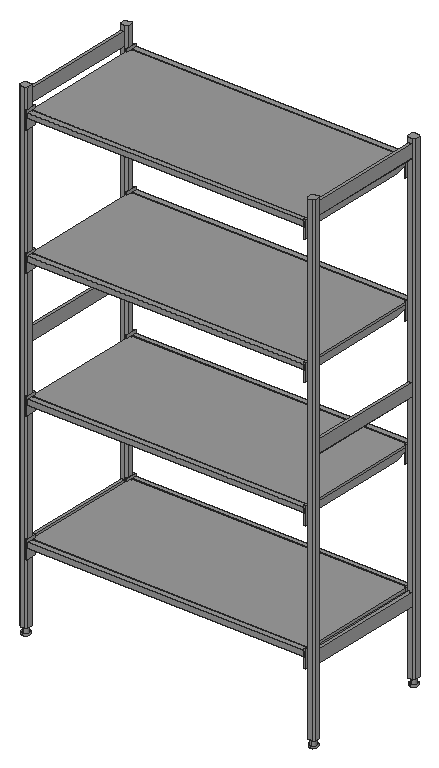
Revit family "QF_ZANUSSI_137033_BLS1038", category Attrezzature speciali, Revit 2020
Family settings
  Quota connettore circolare = Usa diametro
  Tipo di parte = Normale
  Basato su piano di lavoro = No
  Sempre verticale = Sì
  Taglio con vuoti quando caricato = No
  Condiviso = No
  Punto di calcolo locali = No
Parameters (values of type "Standard")
  Weight = 21.00 kg
  Watts = 0 W
  Volts = 0 V
  URL Manufacturer = "http://www.zanussiprofessional.com"
  URL = "http://www.zanussiprofessional.com"
  Steam Supply Size = 0 mm
  Steam Supply Minimum Pressure = 0.0 Pa
  Steam Supply Maximum Pressure = 0.0 Pa
  Steam Consumption per Hour = 0
  Refrigeration Suction Line Size = 0.0 mm
  Refrigeration Liquid Line Size = 0.0 mm
  Refrigerant Compressor Remote = yes
  Prospetto di default = 0.0 mm
  Phase = 0
  Modello = "BLS1038"
  Produttore = "Zanussi"
  Length Actual = 1037.0 mm  # constant formula
  Item Number = "137033"
  Hot Water Size = 0 mm
  Height Actual = 1700.0 mm  # constant formula
  HP = "0 HP"
  Gas Size = 0 mm
  Gas KW = 0
  Gas Input Pressure = 0 W
  Direct Waste Size = 0 mm
  Descrizione = "ALUM.LINEAR SHELV.-POLY.TIERS-475X1037MM"
  Depth Actual = 475.0 mm  # constant formula
  Cycle = 0 Hz
  Condensate Return Size = 0 mm
  Compressed Air Volume = 0.0 L/s
  Compressed Air Size = 0 mm
  Compressed Air Pressure = 0.0 Pa
  Cold Water Size = 0 mm
  Accessory = yes
Reference planes
  plane 1: z = 0
  plane 2 "Center (Left/Right)": x = -31
  plane 3 "LEFT": x = -549.5
  plane 4 "RIGHT": x = 487.5
  plane 5 "BACK": y = 23
  plane 6 "FRONT": y = -452
  plane 7 "TOP": z = 1700
  plane 8: x = 482.5
  plane 9: x = -518
  plane 10: x = 456
  plane 11 "Center (Front/Back)": y = -214.5
  plane 12: x = 451
  plane 13: y = -8.5
  plane 14: y = -420.5
  plane 15 "FEET": z = 25
  plane 16: z = 275
  plane 17: z = 725
  plane 18: z = 1175
  plane 19: z = 1625
  plane 20 "CXLeft": x = -535.5
  plane 21 "CXRight": x = 473.5
  plane 22: y = 5.5
  plane 23 "CYBack": y = 5.5
  plane 24 "CYFront": y = -434.5
Forms (mm)
  Extrusion 1, solid, material "QF_Aluminum"
    sketch origin (-549.5, 0, 0) x (0, 1, 0) y (0, 0, 1)
      loop
        line (4, 1650.994) -> (4, 1632.998) -> (23, 1632.998) -> (23, 1650.994) -> (4, 1650.994)
      loop
        line (-433, 1650.994) -> (-452, 1650.994) -> (-452, 1632.998) -> (-433, 1632.998) -> (-433, 1650.994)
      loop
        line (4, 1200.994) -> (4, 1182.998) -> (23, 1182.998) -> (23, 1200.994) -> (4, 1200.994)
      loop
        line (-433, 1200.994) -> (-452, 1200.994) -> (-452, 1182.998) -> (-433, 1182.998) -> (-433, 1200.994)
      loop
        line (4, 750.994) -> (4, 732.998) -> (23, 732.998) -> (23, 750.994) -> (4, 750.994)
      loop
        line (-433, 750.994) -> (-452, 750.994) -> (-452, 732.998) -> (-433, 732.998) -> (-433, 750.994)
      loop
        line (4, 300.994) -> (4, 282.998) -> (23, 282.998) -> (23, 300.994) -> (4, 300.994)
      loop
        line (-433, 300.994) -> (-452, 300.994) -> (-452, 282.998) -> (-433, 282.998) -> (-433, 300.994)
    from 31.5 to 1005.5
  Extrusion 2, solid, material "QF_Polyethylene"
    sketch origin (-549.5, 0, 0) x (0, 1, 0) y (0, 0, 1)
      loop
        line (2.007, 1650.994) -> (-431, 1650.994) -> (-431, 1644.496) -> (2.007, 1644.496) -> (2.007, 1650.994)
      loop
        line (2.007, 1200.994) -> (-431, 1200.994) -> (-431, 1194.496) -> (2.007, 1194.496) -> (2.007, 1200.994)
      loop
        line (2.007, 750.994) -> (-431, 750.994) -> (-431, 744.496) -> (2.007, 744.496) -> (2.007, 750.994)
      loop
        line (2.007, 300.994) -> (-431, 300.994) -> (-431, 294.496) -> (2.007, 294.496) -> (2.007, 300.994)
    from 31.5 to 1005.5
  Extrusion 3, solid, material "QF_Aluminum"
    sketch origin (487.5, 0, 0) x (0, 1, 0) y (0, 0, 1)
      loop
        line (-12, 1632.998) -> (4, 1632.998) -> (4, 1650.994) -> (2.007, 1650.994) -> (2.007, 1644.496) -> (-431, 1644.496) -> (-431, 1650.994) -> (-433, 1650.994) -> (-433, 1632.998) -> (-417, 1632.998) -> (-383, 1620.994) -> (-46, 1620.994) -> (-12, 1632.998)
      loop
        line (-12, 1182.998) -> (4, 1182.998) -> (4, 1200.994) -> (2.007, 1200.994) -> (2.007, 1194.496) -> (-431, 1194.496) -> (-431, 1200.994) -> (-433, 1200.994) -> (-433, 1182.998) -> (-417, 1182.998) -> (-383, 1170.994) -> (-46, 1170.994) -> (-12, 1182.998)
      loop
        line (-12, 732.998) -> (4, 732.998) -> (4, 750.994) -> (2.007, 750.994) -> (2.007, 744.496) -> (-431, 744.496) -> (-431, 750.994) -> (-433, 750.994) -> (-433, 732.998) -> (-417, 732.998) -> (-383, 720.994) -> (-46, 720.994) -> (-12, 732.998)
      loop
        line (-12, 282.998) -> (4, 282.998) -> (4, 300.994) -> (2.007, 300.994) -> (2.007, 294.496) -> (-431, 294.496) -> (-431, 300.994) -> (-433, 300.994) -> (-433, 282.998) -> (-417, 282.998) -> (-383, 270.994) -> (-46, 270.994) -> (-12, 282.998)
    from -31.5 to -36.5
Lines and regions (mm)
  symbolic lines
    curve 1: line (456, 4, 1700) -> (-518, 4, 1700)
    curve 2: line (-522, 23, 1700) -> (460, 23, 1700)
    curve 3: line (460, 13.246, 1700) -> (466.254, 19.5, 1700)
    curve 4: line (466.254, -8.5, 1700) -> (460, -2.246, 1700)
    curve 5: line (466.254, -420.5, 1700) -> (460, -426.754, 1700)
    curve 6: line (-522, -452, 1700) -> (460, -452, 1700)
    curve 7: line (460, 23, 1700) -> (460, -12.993, 1700)
    curve 8: line (460, -12.993, 1700) -> (456, -12.993, 1700)
    curve 9: line (460, -452, 1700) -> (460, -416.007, 1700)
    curve 10: line (460, -416.007, 1700) -> (456, -416.007, 1700)
    curve 11: line (-518, -12.993, 1700) -> (-518, -416.007, 1700)
    curve 12: line (-518, -433, 1700) -> (456, -433, 1700)
    curve 13: line (456, -12.993, 1700) -> (456, -416.007, 1700)
Dimensions and locks
  locked: plane 3 "LEFT" to plane 4 "RIGHT" at 1037
  equal spacing: plane 3 "LEFT", plane 2 "Center (Left/Right)", plane 4 "RIGHT"
  locked: plane 7 "TOP" to level at 1700
  locked: plane 5 "BACK" to plane 6 "FRONT" at 475
  locked: plane 4 "RIGHT" to plane 8 at 5
  locked: plane 9 to plane 10 at 974
  locked: plane 3 "LEFT" to plane 9 at 31.5
  plane 12 to plane 10 = 5.0 mm
  locked: plane 13 to plane 14 at 412
  equal spacing: plane 13, plane 11 "Center (Front/Back)", plane 14
  equal spacing: plane 5 "BACK", plane 11 "Center (Front/Back)", plane 6 "FRONT"
  plane 15 "FEET" to level = 25.0 mm
  plane 7 "TOP" to plane 15 "FEET" = 1675.0 mm
  plane 16 to plane 15 "FEET" = 250.0 mm
  plane 17 to plane 16 = 450.0 mm
  plane 18 to plane 17 = 450.0 mm
  plane 19 to plane 18 = 450.0 mm
  locked: plane 3 "LEFT" to plane 20 "CXLeft" at 14
  locked: plane 21 "CXRight" to plane 4 "RIGHT" at 14
  locked: plane 5 "BACK" to plane 23 "CYBack" at 17.5
  locked: plane 24 "CYFront" to plane 6 "FRONT" at 17.5
  aligned and locked: level to plane 1
  aligned and locked: plane 9 to Extrusion 2
  aligned and locked: Extrusion 2 to plane 10
  aligned and locked: plane 9 to Extrusion 1
  aligned and locked: Extrusion 1 to plane 10
  aligned and locked: Extrusion 1 sketch curve to Extrusion 1 sketch curve  (x2)
  aligned and locked: Extrusion 3 sketch curve to Extrusion 3 sketch curve  (x3)
  aligned and locked: Extrusion 3 to plane 12
  aligned and locked: Extrusion 3 to plane 10
  aligned and locked: nested 1 to plane 20 "CXLeft"
  aligned and locked: nested 2 to plane 21 "CXRight"
Automatic sketch dimensions
  Extrusion 1 sketch curve to plane 6 "FRONT" = 0.0 mm  (x4)
  Extrusion 1 sketch curve to plane 5 "BACK" = 0.0 mm  (x4)
  plane 24 "CYFront" to Extrusion 1 sketch curve = 1.5 mm  (x2)
  plane 22 to Extrusion 1 sketch curve = 1.5 mm  (x4)
  plane 16 to Extrusion 1 sketch curve = 7.998 mm  (x2)
  Extrusion 1 sketch curve to Extrusion 1 sketch curve = 17.997 mm  (x8)
  plane 17 to Extrusion 1 sketch curve = 7.998 mm  (x2)
  plane 18 to Extrusion 1 sketch curve = 7.998 mm  (x2)
  plane 19 to Extrusion 1 sketch curve = 7.998 mm  (x2)
  plane 24 "CYFront" to Extrusion 2 sketch curve = 3.5 mm  (x4)
  plane 22 to Extrusion 2 sketch curve = 3.493 mm  (x4)
  plane 16 to Extrusion 2 sketch curve = 19.496 mm
  Extrusion 2 sketch curve to Extrusion 2 sketch curve = 6.499 mm  (x4)
  plane 17 to Extrusion 2 sketch curve = 19.496 mm
  plane 18 to Extrusion 2 sketch curve = 19.496 mm
  plane 19 to Extrusion 2 sketch curve = 19.496 mm
  plane 24 "CYFront" to Extrusion 3 sketch curve = 1.5 mm  (x4)
  Extrusion 3 sketch curve to Extrusion 3 sketch curve = 2.0 mm
  plane 14 to Extrusion 3 sketch curve = 3.5 mm  (x4)
  Extrusion 3 sketch curve to plane 16 = 4.006 mm
  Extrusion 3 sketch curve to Extrusion 3 sketch curve = 34.0 mm  (x4)
  Extrusion 3 sketch curve to plane 17 = 4.006 mm
  Extrusion 3 sketch curve to plane 18 = 4.006 mm
  Extrusion 3 sketch curve to plane 19 = 4.006 mm
  Extrusion 3 sketch curve to plane 13 = 37.5 mm  (x4)
  Extrusion 3 sketch curve to plane 13 = 3.5 mm  (x4)
  plane 22 to Extrusion 3 sketch curve = 3.493 mm  (x4)
  plane 22 to Extrusion 3 sketch curve = 1.5 mm  (x4)
  plane 16 to Extrusion 3 sketch curve = 7.998 mm  (x2)
  Extrusion 3 sketch curve to Extrusion 3 sketch curve = 11.498 mm  (x4)
  Extrusion 3 sketch curve to Extrusion 3 sketch curve = 6.499 mm  (x8)
  plane 17 to Extrusion 3 sketch curve = 7.998 mm  (x2)
  plane 18 to Extrusion 3 sketch curve = 7.998 mm  (x2)
  plane 19 to Extrusion 3 sketch curve = 7.998 mm  (x2)
  curve 6 to plane 6 "FRONT" = 0.0 mm
  curve 12 to plane 9 = 0.0 mm
  curve 12 to plane 10 = 0.0 mm
  curve 5 to plane 14 = 0.0 mm
  curve 11 to plane 9 = 0.0 mm
  curve 8 to plane 10 = 0.0 mm
  curve 4 to plane 13 = 0.0 mm
  curve 1 to plane 9 = 0.0 mm
  curve 1 to plane 10 = 0.0 mm
  curve 2 to plane 5 "BACK" = 0.0 mm
  plane 14 to curve 10 = 4.493 mm
  curve 7 to plane 13 = 4.493 mm
  curve 10 to plane 10 = 4.0 mm
  curve 7 to plane 10 = 4.0 mm
  plane 24 "CYFront" to curve 12 = 1.5 mm
  curve 5 to plane 14 = 6.254 mm
  plane 14 to curve 11 = 4.493 mm
  curve 11 to plane 13 = 4.493 mm
  plane 13 to curve 4 = 6.254 mm
  plane 22 to curve 1 = 1.5 mm
  curve 3 to plane 22 = 7.746 mm
  curve 3 to plane 5 "BACK" = 3.5 mm
  curve 5 to curve 9 = 6.254 mm
  curve 3 to curve 2 = 6.254 mm
  curve 4 to curve 7 = 6.254 mm
  plane 9 to curve 2 = 4.0 mm
  plane 9 to curve 6 = 4.0 mm
Nested families
  nested 1: "WT_Anta475" at (-132.5, 0, 0), type "WT_Anta475"
  nested 2: "WT_Anta475" at (70.5, 0, 0) x (-1, 0, 0) z (0, 0, 1), type "WT_Anta475"
Definition of nested family "WT_Anta475"
  Parameters
    WidthLeft = A + 64.0 mm  # 772.0 mm
    Width = 1606.0 mm
    Right = WidthLeft / 2  # 386.0 mm
    Default Elevation = 0.0 mm
    Left = -WidthLeft / 2  # -386.0 mm
    Height = 1725.0 mm
    FEET = 25.0 mm
    E = 0.0 mm
    Dint = Depth - 63.0 mm  # 412.0 mm
    Dext = Depth - 8.0 mm  # 467.0 mm
    Depth = 475.0 mm
    DX = (WidthLeft - A) / 2  # 32.0 mm
    B = 798.0 mm
    A = 708.0 mm
  Reference planes
    plane 1: z = 0
    plane 2 "LEFT": x = -417
    plane 3 "BACK": y = 23
    plane 4 "FRONT": y = -452
    plane 5 "TOP": z = 1725
    plane 6 "Center (Front/Back)": y = -214.5
    plane 7: y = -8.5
    plane 8: y = -420.5
    plane 9 "FEET": z = 25
    plane 10: z = 275
    plane 11: z = 725
    plane 12: z = 1175
    plane 13: z = 1625
    plane 14 "CXLeft": x = -403
    plane 15: y = 5.5
    plane 16 "CYBack": y = 5.5
    plane 17 "CYFront": y = -434.5
    plane 18: x = -385.031
    plane 19: x = -380.031
  Forms (mm)
    Extrusion 1, solid
      sketch origin (0, 0, 0) x (1, 0, 0) y (0, 1, 0)
        loop
          line (-417, 13.246) -> (-417, -2.246) -> (-410.746, -8.5) -> (-395.254, -8.5) -> (-389, -2.246) -> (-389, 13.246) -> (-395.254, 19.5) -> (-410.746, 19.5) -> (-417, 13.246)
      from 1725 to 25
    Extrusion 2, solid
      sketch origin (-417, 0, 0) x (0, 1, 0) y (0, 0, 1)
        loop
          line (23, 246.005) -> (23, 307.993) -> (-12.993, 307.993) -> (-12.993, 246.005) -> (23, 246.005)
        loop
          line (-452, 246.005) -> (-416.007, 246.005) -> (-416.007, 307.993) -> (-452, 307.993) -> (-452, 246.005)
        loop
          line (23, 696.005) -> (23, 757.993) -> (-12.993, 757.993) -> (-12.993, 696.005) -> (23, 696.005)
        loop
          line (-452, 696.005) -> (-416.007, 696.005) -> (-416.007, 757.993) -> (-452, 757.993) -> (-452, 696.005)
        loop
          line (23, 1146.005) -> (23, 1207.993) -> (-12.993, 1207.993) -> (-12.993, 1146.005) -> (23, 1146.005)
        loop
          line (-452, 1146.005) -> (-416.007, 1146.005) -> (-416.007, 1207.993) -> (-452, 1207.993) -> (-452, 1146.005)
        loop
          line (23, 1596.005) -> (23, 1657.993) -> (-12.993, 1657.993) -> (-12.993, 1596.005) -> (23, 1596.005)
        loop
          line (-452, 1596.005) -> (-416.007, 1596.005) -> (-416.007, 1657.993) -> (-452, 1657.993) -> (-452, 1596.005)
      from 28 to 32
    Revolve 3, solid
      sketch origin (-403, 0, 0) x (0, 1, 0) y (0, 0, 1)
        loop
          line (5.5, 25) -> (5.5, 0) -> (19, 0) -> (19, 5) -> (14, 5) -> (14, 25) -> (5.5, 25)
        axis (5.5, 25) -> (5.5, 0)
      angle from 0 to 360
    Extrusion 4, solid
      sketch origin (-403, 0, 0) x (0, 1, 0) y (0, 0, 1)
        loop
          line (-8.5, 912.382) -> (-8.5, 957.374) -> (-420.5, 957.374) -> (-420.5, 912.382) -> (-8.5, 912.382)
        loop
          line (-8.5, 1662.244) -> (-8.5, 1707.236) -> (-420.5, 1707.236) -> (-420.5, 1662.244) -> (-8.5, 1662.244)
      from -5 to 5
    Revolve 5, solid
      sketch origin (-403, -627, 0) x (0, -1, 0) y (0, 0, 1)
        loop
          line (-192.5, 25) -> (-192.5, 0) -> (-179, 0) -> (-179, 5) -> (-184, 5) -> (-184, 25) -> (-192.5, 25)
        axis (-192.5, 25) -> (-192.5, 0)
      angle from 0 to 360
    Extrusion 6, solid
      sketch origin (0, -627, 0) x (1, 0, 0) y (0, 1, 0)
        loop
          line (-417, 184.754) -> (-410.746, 178.5) -> (-395.254, 178.5) -> (-389, 184.754) -> (-389, 200.246) -> (-395.254, 206.5) -> (-410.746, 206.5) -> (-417, 200.246) -> (-417, 184.754)
      from 1725 to 25
    Extrusion 7, solid
      sketch origin (-417.031, -0.022, 0) x (0, 1, 0) y (0, 0, -1)
        loop
          line (-12, -1632.998) -> (-46, -1620.994) -> (-383, -1620.994) -> (-417, -1632.998) -> (-433, -1632.998) -> (-433, -1650.994) -> (-431, -1650.994) -> (-431, -1644.496) -> (2.007, -1644.496) -> (2.007, -1650.994) -> (4, -1650.994) -> (4, -1632.998) -> (-12, -1632.998)
        loop
          line (-12, -1182.998) -> (-46, -1170.994) -> (-383, -1170.994) -> (-417, -1182.998) -> (-433, -1182.998) -> (-433, -1200.994) -> (-431, -1200.994) -> (-431, -1194.496) -> (2.007, -1194.496) -> (2.007, -1200.994) -> (4, -1200.994) -> (4, -1182.998) -> (-12, -1182.998)
        loop
          line (-12, -732.998) -> (-46, -720.994) -> (-383, -720.994) -> (-417, -732.998) -> (-433, -732.998) -> (-433, -750.994) -> (-431, -750.994) -> (-431, -744.496) -> (2.007, -744.496) -> (2.007, -750.994) -> (4, -750.994) -> (4, -732.998) -> (-12, -732.998)
        loop
          line (-12, -282.998) -> (-46, -270.994) -> (-383, -270.994) -> (-417, -282.998) -> (-433, -282.998) -> (-433, -300.994) -> (-431, -300.994) -> (-431, -294.496) -> (2.007, -294.496) -> (2.007, -300.994) -> (4, -300.994) -> (4, -282.998) -> (-12, -282.998)
      from -32 to -37
    Extrusion 8, solid
      sketch origin (-403, 0, -659.878) x (0, 1, 0) y (0, 0, 1)
        loop
          line (-8.5, 912.382) -> (-8.5, 957.374) -> (-420.5, 957.374) -> (-420.5, 912.382) -> (-8.5, 912.382)
        loop
          line (-8.5, 1572.382) -> (-8.5, 1617.374) -> (-420.5, 1617.374) -> (-420.5, 1572.382) -> (-8.5, 1572.382)
        loop
          line (-8.5, 2322.382) -> (-8.5, 2367.374) -> (-420.5, 2367.374) -> (-420.5, 2322.382) -> (-8.5, 2322.382)
      from -5 to 5
  Lines and regions (mm)
    symbolic lines
      curve 1: line (-408, -8.5, 1725) -> (-408, -420.5, 1725)
      curve 2: line (-398, -420.5, 1725) -> (-398, -8.5, 1725)
      curve 3: line (-395.254, -8.5, 1725) -> (-410.746, -8.5, 1725)
      curve 4: line (-417, -2.246, 1725) -> (-410.746, -8.5, 1725)
      curve 5: line (-417, 13.246, 1725) -> (-417, -2.246, 1725)
      curve 6: line (-410.746, 19.5, 1725) -> (-417, 13.246, 1725)
      curve 7: line (-395.254, 19.5, 1725) -> (-410.746, 19.5, 1725)
      curve 8: line (-389, 13.246, 1725) -> (-395.254, 19.5, 1725)
      curve 9: line (-395.254, -8.5, 1725) -> (-389, -2.246, 1725)
      curve 10: line (-395.254, -420.5, 1725) -> (-410.746, -420.5, 1725)
      curve 11: line (-417, -426.754, 1725) -> (-410.746, -420.5, 1725)
      curve 12: line (-410.746, -448.5, 1725) -> (-417, -442.246, 1725)
      curve 13: line (-395.254, -448.5, 1725) -> (-410.746, -448.5, 1725)
      curve 14: line (-389, -442.246, 1725) -> (-395.254, -448.5, 1725)
      curve 15: line (-395.254, -420.5, 1725) -> (-389, -426.754, 1725)
      curve 16: line (-389, -452, 1725) -> (-389, -416.007, 1725)
      curve 17: line (-389, -416.007, 1725) -> (-385, -416.007, 1725)
      curve 18: line (-389, 23, 1725) -> (-389, -12.993, 1725)
      curve 19: line (-389, -12.993, 1725) -> (-385, -12.993, 1725)
      curve 20: line (-417, -426.754, 1725) -> (-417, -442.246, 1725)
      curve 21: line (-385, -452, 1725) -> (-385, -416.007, 1725)
      curve 22: line (-385, -452, 1725) -> (-389, -452, 1725)
      curve 23: line (-385, 23, 1725) -> (-389, 23, 1725)
      curve 24: line (-385, -12.993, 1725) -> (-385, 23, 1725)
      curve 25: line (-385.031, -13.016, 1725) -> (-385.031, -416.029, 1725)
  Dimensions and locks
    "Height": plane 5 "TOP" to level
    "Depth": plane 3 "BACK" to plane 4 "FRONT"
    "Dint": plane 7 to plane 8
    equal spacing: plane 7, plane 6 "Center (Front/Back)", plane 8
    equal spacing: plane 3 "BACK", plane 6 "Center (Front/Back)", plane 4 "FRONT"
    plane 9 "FEET" to level = 25.0 mm
    plane 5 "TOP" to plane 9 "FEET" = 1700.0 mm
    plane 10 to plane 9 "FEET" = 250.0 mm
    plane 11 to plane 10 = 450.0 mm
    plane 12 to plane 11 = 450.0 mm
    plane 13 to plane 12 = 450.0 mm
    locked: plane 2 "LEFT" to plane 14 "CXLeft" at 14
    locked: plane 3 "BACK" to plane 16 "CYBack" at 17.5
    locked: plane 17 "CYFront" to plane 4 "FRONT" at 17.5
    locked: Revolve 3 sketch curve to Revolve 3 sketch curve at 8.5
    locked: Revolve 3 sketch curve to plane 16 "CYBack" at 13.5
    locked: Revolve 5 sketch curve to Revolve 5 sketch curve at 8.5
    aligned and locked: level to plane 1
    aligned and locked: curve 20 to Extrusion 6
    aligned and locked: plane 5 "TOP" to Extrusion 1
    aligned and locked: plane 5 "TOP" to Extrusion 6
    aligned and locked: Extrusion 7 sketch curve to Extrusion 7 sketch curve  (x3)
  Automatic sketch dimensions
    curve 16 to plane 4 "FRONT" = 0.0 mm
    curve 11 to plane 8 = 0.0 mm
    curve 9 to plane 7 = 0.0 mm
    curve 5 to plane 2 "LEFT" = 0.0 mm
    curve 23 to plane 3 "BACK" = 0.0 mm
    plane 4 "FRONT" to curve 13 = 3.5 mm
    curve 20 to plane 17 "CYFront" = 7.746 mm
    curve 20 to plane 8 = 6.254 mm
    plane 8 to curve 16 = 4.493 mm
    curve 24 to plane 18 = 0.031 mm
    curve 24 to plane 7 = 4.493 mm
    plane 7 to curve 5 = 6.254 mm
    curve 5 to plane 15 = 7.746 mm
    curve 6 to plane 3 "BACK" = 3.5 mm
    curve 21 to plane 18 = 0.031 mm
    plane 18 to curve 23 = 3.969 mm
    plane 18 to curve 16 = 3.969 mm
    curve 18 to curve 8 = 6.254 mm
    curve 18 to curve 3 = 6.254 mm
    curve 16 to curve 13 = 6.254 mm
    curve 16 to curve 15 = 6.254 mm
    plane 2 "LEFT" to curve 10 = 6.254 mm
    plane 2 "LEFT" to curve 7 = 6.254 mm
    plane 2 "LEFT" to curve 12 = 6.254 mm
    plane 2 "LEFT" to curve 3 = 6.254 mm
    curve 14 to plane 17 "CYFront" = 7.746 mm
    curve 15 to plane 8 = 6.254 mm
    plane 7 to curve 9 = 6.254 mm
    curve 8 to plane 15 = 7.746 mm
    curve 3 to curve 2 = 2.746 mm
    curve 1 to curve 10 = 2.746 mm
    Extrusion 1 sketch curve to plane 2 "LEFT" = 0.0 mm
    Extrusion 1 sketch curve to plane 7 = 0.0 mm
    plane 2 "LEFT" to Extrusion 1 sketch curve = 6.254 mm  (x2)
    plane 14 "CXLeft" to Extrusion 1 sketch curve = 7.746 mm  (x2)
    Extrusion 1 sketch curve to plane 3 "BACK" = 3.5 mm
    plane 18 to Extrusion 1 sketch curve = 3.969 mm
    plane 7 to Extrusion 1 sketch curve = 6.254 mm  (x2)
    Extrusion 1 sketch curve to plane 15 = 7.746 mm  (x2)
    Extrusion 2 sketch curve to plane 4 "FRONT" = 0.0 mm  (x4)
    Extrusion 2 sketch curve to plane 3 "BACK" = 0.0 mm  (x4)
    plane 8 to Extrusion 2 sketch curve = 4.493 mm  (x4)
    Extrusion 2 sketch curve to plane 7 = 4.493 mm  (x4)
    Extrusion 2 sketch curve to plane 10 = 28.995 mm  (x2)
    plane 10 to Extrusion 2 sketch curve = 32.993 mm  (x2)
    Extrusion 2 sketch curve to plane 11 = 28.995 mm  (x2)
    plane 11 to Extrusion 2 sketch curve = 32.993 mm  (x2)
    Extrusion 2 sketch curve to plane 12 = 28.995 mm  (x2)
    plane 12 to Extrusion 2 sketch curve = 32.993 mm  (x2)
    Extrusion 2 sketch curve to plane 13 = 28.995 mm  (x2)
    plane 13 to Extrusion 2 sketch curve = 32.993 mm  (x2)
    Revolve 3 sketch curve to plane 9 "FEET" = 0.0 mm  (x2)
    Revolve 3 sketch curve to plane 15 = 0.0 mm  (x2)
    Revolve 3 sketch curve to level = 0.0 mm
    level to Revolve 3 sketch curve = 5.0 mm
    Revolve 3 sketch curve to Revolve 3 sketch curve = 11.655 mm
    Extrusion 4 sketch curve to plane 8 = 0.0 mm  (x2)
    Extrusion 4 sketch curve to plane 7 = 0.0 mm  (x2)
    plane 11 to Extrusion 4 sketch curve = 187.382 mm
    Extrusion 4 sketch curve to Extrusion 4 sketch curve = 44.992 mm
    plane 13 to Extrusion 4 sketch curve = 37.244 mm
    Extrusion 4 sketch curve to plane 5 "TOP" = 17.764 mm
    Revolve 5 sketch curve to plane 9 "FEET" = 0.0 mm  (x2)
    Revolve 5 sketch curve to plane 17 "CYFront" = 0.0 mm  (x2)
    Revolve 5 sketch curve to level = 0.0 mm
    Revolve 5 sketch curve to plane 4 "FRONT" = 4.0 mm
    Revolve 5 sketch curve to Revolve 5 sketch curve = 5.0 mm
    level to Revolve 5 sketch curve = 11.655 mm
    Extrusion 6 sketch curve to plane 2 "LEFT" = 0.0 mm
    Extrusion 6 sketch curve to plane 8 = 0.0 mm
    Extrusion 6 sketch curve to plane 2 "LEFT" = 6.254 mm  (x2)
    Extrusion 6 sketch curve to plane 14 "CXLeft" = 7.746 mm  (x2)
    Extrusion 6 sketch curve to plane 4 "FRONT" = 3.5 mm
    Extrusion 6 sketch curve to plane 18 = 3.969 mm
    plane 8 to Extrusion 6 sketch curve = 6.254 mm  (x2)
    plane 17 "CYFront" to Extrusion 6 sketch curve = 7.746 mm  (x2)
    plane 17 "CYFront" to Extrusion 7 sketch curve = 1.478 mm  (x4)
    Extrusion 7 sketch curve to Extrusion 7 sketch curve = 2.0 mm
    plane 8 to Extrusion 7 sketch curve = 3.478 mm  (x4)
    Extrusion 7 sketch curve to plane 10 = 4.006 mm
    Extrusion 7 sketch curve to Extrusion 7 sketch curve = 34.0 mm  (x4)
    Extrusion 7 sketch curve to plane 11 = 4.006 mm
    Extrusion 7 sketch curve to plane 12 = 4.006 mm
    Extrusion 7 sketch curve to plane 13 = 4.006 mm
    Extrusion 7 sketch curve to plane 7 = 37.522 mm  (x4)
    Extrusion 7 sketch curve to plane 7 = 3.522 mm  (x4)
    plane 15 to Extrusion 7 sketch curve = 3.516 mm  (x4)
    plane 15 to Extrusion 7 sketch curve = 1.522 mm  (x4)
    plane 13 to Extrusion 7 sketch curve = 7.998 mm  (x2)
    Extrusion 7 sketch curve to Extrusion 7 sketch curve = 11.498 mm
    Extrusion 7 sketch curve to Extrusion 7 sketch curve = 6.499 mm  (x5)
    plane 12 to Extrusion 7 sketch curve = 25.994 mm  (x2)
    plane 12 to Extrusion 7 sketch curve = 7.998 mm  (x2)
    plane 11 to Extrusion 7 sketch curve = 25.994 mm  (x2)
    plane 11 to Extrusion 7 sketch curve = 7.998 mm  (x2)
    plane 10 to Extrusion 7 sketch curve = 25.994 mm  (x2)
    plane 10 to Extrusion 7 sketch curve = 7.998 mm  (x2)
    curve 25 to plane 18 = 0.0 mm
    plane 8 to curve 25 = 4.471 mm
    curve 25 to plane 7 = 4.516 mm
    Extrusion 8 sketch curve to plane 8 = 0.0 mm  (x3)
    Extrusion 8 sketch curve to plane 7 = 0.0 mm  (x3)
    Extrusion 8 sketch curve to plane 10 = 22.496 mm
    plane 10 to Extrusion 8 sketch curve = 22.496 mm
    plane 11 to Extrusion 8 sketch curve = 187.504 mm
    Extrusion 8 sketch curve to Extrusion 8 sketch curve = 44.992 mm
    plane 13 to Extrusion 8 sketch curve = 37.504 mm
    Extrusion 8 sketch curve to plane 5 "TOP" = 17.504 mm
